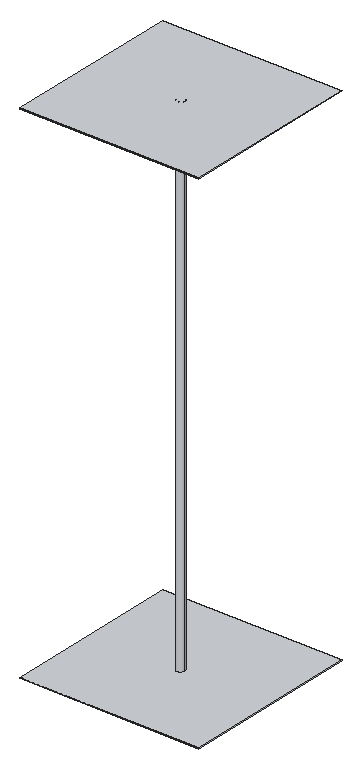
Revit family "Reshoring Poles Titan-XL", category Columns, Revit 2021
Family settings
  Work Plane-Based = No
  Cut with Voids When Loaded = No
  Automatically joins geometry to walls = No
  Shared = Yes
  Show family pre-cut in plan views = Yes
Parameters (values of type "Titan XL625")
  Shore Dia. = 0' - 4"
  Plate Thickness = 0' - 0 1/4"
  Model = "Titan HV#1"
  Min. Height = 15' - 2"
  Max. Height = 21' - 4"
  Lookup_Table = "Lookup_Titan-XL625"
  Load Set [instance] = 1.00 lbf
  Load Capacity [instance] = Load Calc * Load Set  # 12900.00 lbf
  Load Calc [instance] = size_lookup(Lookup_Table, "Capacity", 0, Height_Lookup)  # 12900
  Height_Lookup [instance] = rounddown(Height / 0' 1") * 0' 1"  # 20' - 0"
  Height Calc [instance] = if(Height < Min. Height, Min. Height, if(Height < Max. Height, Height, Max. Height))  # 20' - 0"
  Height [instance] = 20' - 0"
  Default Elevation = 0' - 0"
  Clear Shore Height [instance] = 20' - 0"
  Base Plate Sq = 7' - 0"
Types (2): name | Min. Height | Max. Height | Lookup_Table | Load Capacity | Load Calc | Height Calc | Base Plate Sq
  Titan XL625 | 15' - 2" | 21' - 4" | "Lookup_Titan-XL625" | 12900.00 lbf | 12900 | 20' - 0" | 7' - 0"
  Titan XL625 with Ext. | 21' - 6" | 24' - 7" | "Lookup_Titan-XL625w1ext" | 0.00 lbf | 0 | 21' - 6" | 0' - 7"
Reference planes (in)
  plane 1 "Center (Front/Back)": y = 0
  plane 2 "Bottom": z = 0
  plane 3 "Center (Left/Right)": x = 0
  plane 4 "Top": z = 240
  plane 5: z = 0.25
  plane 6: z = 239.75
  plane 7: x = -42
  plane 8: x = 42
  plane 9: y = 42
  plane 10: y = -42
Forms (in)
  Extrusion 1, solid
    sketch origin (0, 0, 0) x (1, 0, 0) y (0, 1, 0)
      loop
        line (-42, 42) -> (-42, -42) -> (42, -42) -> (42, 42) -> (-42, 42)
    from 0 to 0.25
  Extrusion 2, solid
    sketch origin (0, 0, 240) x (-1, 0, 0) y (0, -1, 0)
      loop
        line (42, 42) -> (-42, 42) -> (-42, -42) -> (42, -42) -> (42, 42)
    from 0 to -0.25
  Extrusion 3, solid
    sketch origin (0, 0, 0) x (1, 0, 0) y (0, 1, 0)
      loop
        circle (0, 0) r 2
    from 0 to 240
Cuts and joins
  joined: Extrusion 1, Extrusion 2, Extrusion 3
Lines and regions (in)
  reference lines
    curve 1: line (0, 0, 0) -> (0, 0, 240)
  model lines, style "InvisibleLines"
    curve 2: circle (0, 0, 240) r 2 normal (0, 0, 1)
Dimensions and locks (in)
  "Base Plate Sq": Extrusion 1 sketch curve to Extrusion 1 sketch curve  (x2)
  equal spacing: Extrusion 1 sketch curve, plane 1 "Center (Front/Back)", Extrusion 1 sketch curve
  equal spacing: Extrusion 1 sketch curve, plane 3 "Center (Left/Right)", Extrusion 1 sketch curve
  "Plate Thickness": plane 5 to plane 2 "Bottom"
  "Plate Thickness": plane 4 "Top" to plane 6
  equal spacing: plane 10, plane 1 "Center (Front/Back)", plane 9
  "Base Plate Sq": plane 10 to plane 9
  equal spacing: plane 7, plane 3 "Center (Left/Right)", plane 8
  "Base Plate Sq": plane 7 to plane 8
  "Height": plane 4 "Top" to plane 2 "Bottom"
  "Clear Shore Height": plane 4 "Top" to level
  "Shore Dia.": diameter of curve 2
  aligned and locked: plane 2 "Bottom" to level
  aligned and locked: level to curve 1
  aligned and locked: plane 4 "Top" to curve 1
  aligned and locked: plane 3 "Center (Left/Right)" to curve 1
  aligned and locked: plane 5 to Extrusion 1
  aligned and locked: Extrusion 1 to plane 2 "Bottom"
  aligned and locked: Extrusion 2 sketch curve to Extrusion 1  (x4)
  aligned and locked: Extrusion 2 to plane 6
  aligned and locked: Extrusion 3 sketch curve to curve 2
  aligned and locked: plane 4 "Top" to Extrusion 3
Automatic sketch dimensions
  plane 1 "Center (Front/Back)" to curve 2 = 0' - 0"
  curve 2 to plane 3 "Center (Left/Right)" = 0' - 0"
